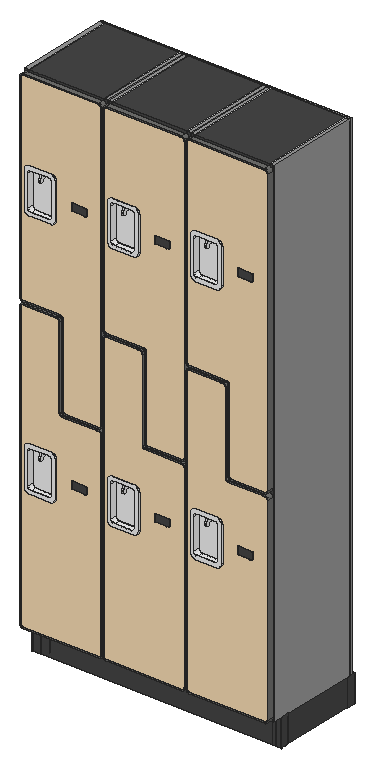
Revit family "Wood_Lockers-Salsbury_Industries-37000_Series-3_Wide_Units", category Specialty Equipment, Revit 2016 (continued)
Definition of nested family "Wood Locker S-Style Bottom Doors"
  Lines and regions (in)
    symbolic lines
      curve 16: line (0, 0.625, 26.25) -> (0, 0.625, 26.75)
      curve 17: arc (-5.9375, 0.375, 41.537) -> (-5.7837311, 0.375, 41.9082311) -> (-5.4125, 0.375, 42.062) r 0.525
      curve 18: arc (-0.1255, 0.375, 41.537) -> (-0.2792689, 0.375, 41.9082311) -> (-0.6505, 0.375, 42.062) r 0.525
      curve 19: arc (-0.1255, 0.375, 29.775) -> (-0.0449544, 0.375, 29.5805456) -> (0.1495, 0.375, 29.5) r 0.275
      curve 20: arc (5.9375, 0.375, 28.975) -> (5.7837311, 0.375, 29.3462311) -> (5.4125, 0.375, 29.5) r 0.525
      curve 21: arc (5.4125, 0.375, 0) -> (5.7837311, 0.375, 0.1537689) -> (5.9375, 0.375, 0.525) r 0.525
      curve 22: arc (-5.4125, 0.375, 0) -> (-5.7837311, 0.375, 0.1537689) -> (-5.9375, 0.375, 0.525) r 0.525
      curve 23: line (-5.4125, 0.375, 0) -> (5.4125, 0.375, 0)
      curve 24: line (5.9375, 0.375, 0.525) -> (5.9375, 0.375, 28.975)
      curve 25: line (5.4125, 0.375, 29.5) -> (0.1495, 0.375, 29.5)
      curve 26: line (-0.1255, 0.375, 29.775) -> (-0.1255, 0.375, 41.537)
      curve 27: line (-0.6505, 0.375, 42.062) -> (-5.4125, 0.375, 42.062)
      curve 28: line (-5.9375, 0.375, 41.537) -> (-5.9375, 0.375, 0.525)
      curve 29: arc (-5.1875, 0.375, 23.531) -> (-4.9678301, 0.375, 24.0613301) -> (-4.4375, 0.375, 24.281) r 0.75
      curve 30: arc (-1.4375, 0.375, 24.281) -> (-0.9071699, 0.375, 24.0613301) -> (-0.6875, 0.375, 23.531) r 0.75
      curve 31: arc (-0.6875, 0.375, 18.531) -> (-0.9071699, 0.375, 18.0006699) -> (-1.4375, 0.375, 17.781) r 0.75
      curve 32: arc (-4.4375, 0.375, 17.781) -> (-4.9678301, 0.375, 18.0006699) -> (-5.1875, 0.375, 18.531) r 0.75
      curve 33: line (-5.1875, 0.375, 18.531) -> (-5.1875, 0.375, 23.531)
      curve 34: line (-4.4375, 0.375, 24.281) -> (-1.4375, 0.375, 24.281)
      curve 35: line (-0.6875, 0.375, 23.531) -> (-0.6875, 0.375, 18.531)
      curve 36: line (-1.4375, 0.375, 17.781) -> (-4.4375, 0.375, 17.781)
      curve 37: arc (-4.1875, 0.375, 18.281) -> (-4.5410534, 0.375, 18.4274466) -> (-4.6875, 0.375, 18.781) r 0.5
      curve 38: arc (-1.6875, 0.375, 18.281) -> (-1.3339466, 0.375, 18.4274466) -> (-1.1875, 0.375, 18.781) r 0.5
      curve 39: arc (-1.1875, 0.375, 23.281) -> (-1.3339466, 0.375, 23.6345534) -> (-1.6875, 0.375, 23.781) r 0.5
      curve 40: arc (-4.6875, 0.375, 23.281) -> (-4.5410534, 0.375, 23.6345534) -> (-4.1875, 0.375, 23.781) r 0.5
      curve 41: line (-4.1875, 0.375, 23.781) -> (-1.6875, 0.375, 23.781)
      curve 42: line (-1.1875, 0.375, 23.281) -> (-1.1875, 0.375, 18.781)
      curve 43: line (-1.6875, 0.375, 18.281) -> (-4.1875, 0.375, 18.281)
      curve 44: line (-4.6875, 0.375, 18.781) -> (-4.6875, 0.375, 23.281)
      curve 45: line (-3.0935, 0.375, 22.656) -> (-3.0935, 0.375, 23.781)
      curve 46: line (-2.7815, 0.375, 22.656) -> (-2.7815, 0.375, 23.781)
      curve 47: line (-2.7815, 0.375, 22.656) -> (-3.0935, 0.375, 22.656)
      curve 48: arc (1.5, 0.375, 21.4133424) -> (1.5436872, 0.375, 21.5188128) -> (1.6491576, 0.375, 21.5625) r 0.1491576
      curve 49: arc (1.6491576, 0.375, 20.4995) -> (1.5436872, 0.375, 20.5431872) -> (1.5, 0.375, 20.6486576) r 0.1491576
      curve 50: arc (3.6008424, 0.375, 21.5625) -> (3.7063128, 0.375, 21.5188128) -> (3.75, 0.375, 21.4133424) r 0.1491576
      curve 51: arc (3.75, 0.375, 20.6486576) -> (3.7063128, 0.375, 20.5431872) -> (3.6008424, 0.375, 20.4995) r 0.1491576
      curve 52: line (3.75, 0.375, 21.4133424) -> (3.75, 0.375, 20.6486576)
      curve 53: line (3.6008424, 0.375, 20.4995) -> (1.6491576, 0.375, 20.4995)
      curve 54: line (1.5, 0.375, 20.6486576) -> (1.5, 0.375, 21.4133424)
      curve 55: line (1.6491576, 0.375, 21.5625) -> (3.6008424, 0.375, 21.5625)
  Dimensions and locks (in)
    equal spacing: plane 4 "Left Side of Door", plane 3 "Center (Left/Right)", plane 5 "Right Side of Door"
    "Width": plane 4 "Left Side of Door" to plane 5 "Right Side of Door"
    equal spacing: plane 7 "Front of Door", plane 1 "Center (Front/Back)", plane 6 "Back of Door"
    "Depth": plane 7 "Front of Door" to plane 6 "Back of Door"
    equal spacing: plane 9 "Top of Door", plane 10 "Center of Door", plane 8 "Bottom of Door"
    "Height": plane 9 "Top of Door" to plane 8 "Bottom of Door"
    equal spacing: plane 11 "Top of Number Tag", plane 16 "Center of Number Tag", plane 12 "Bottom of Number Tag"
    "Number Tag Height": plane 11 "Top of Number Tag" to plane 12 "Bottom of Number Tag"
    equal spacing: plane 14 "Right Side of Number Tag", plane 15 "Horizontal Center of Number Tag", plane 13 "Left Side of Number Tag"
    "Number Tag Width": plane 14 "Right Side of Number Tag" to plane 13 "Left Side of Number Tag"
    "Number Tag-Horizontal Offset": plane 15 "Horizontal Center of Number Tag" to plane 5 "Right Side of Door"
    "Number Tag-Vertical Offset": plane 9 "Top of Door" to plane 16 "Center of Number Tag"
    locked: plane 4 "Left Side of Door" to plane 17 "Left Side of Hasp" at 0.75
    equal spacing: plane 20 "Top of Hasp", plane 19 "Hasp Vertical Center", plane 21 "Bottom of Hasp", locked at 3.25 each
    plane 20 "Top of Hasp" to plane 21 "Bottom of Hasp" = 6.500"
    "Hasp Vertical Offset": plane 10 "Center of Door" to plane 19 "Hasp Vertical Center"
    plane 22 "Front of Hasp" to plane 7 "Front of Door" = 0.125"
    locked: plane 24 "Right Side of Door-Left Side of Trim" to plane 5 "Right Side of Door" at 0.125
    locked: plane 4 "Left Side of Door" to plane 23 "Left Side of Door-Right Side of Trim" at 0.125
    locked: plane 9 "Top of Door" to plane 25 "Top of Door-Bottom of Trim" at 0.125
    locked: plane 26 "Bottom of Door-Top of Trim" to plane 8 "Bottom of Door" at 0.125
    plane 28 "Melamine-Particleboard Line" to plane 6 "Back of Door" = 0.031"
    plane 7 "Front of Door" to plane 27 "Laminate-Particleboard Line" = 0.031"
    plane 27 "Laminate-Particleboard Line" to plane 29 "Back of Number Plate Inset" = 0.031"
    equal spacing: plane 18 "Right Side of Hasp", plane 30 "Center of Hasp", plane 17 "Left Side of Hasp"
    locked: plane 18 "Right Side of Hasp" to plane 17 "Left Side of Hasp" at 4.5
    plane 20 "Top of Hasp" to plane 33 "Hasp Inset-Top" = 0.500"
    plane 34 "Hasp Inset-Bottom" to plane 21 "Bottom of Hasp" = 0.500"
    plane 31 "Hasp Inset-Left" to plane 17 "Left Side of Hasp" = 0.500"
    plane 20 "Top of Hasp" to plane 36 to plane 35 to plane 33 "Hasp Inset-Top" = 0.156", 0.188", 0.156"
    plane 37 "Hasp Letters - Left Side" to plane 30 "Center of Hasp" to plane 38 "Hasp Letters - Right Side" = 0.906", 0.906"
    plane 32 "Hasp Inset-Right" to plane 18 "Right Side of Hasp" = 0.500"
    plane 40 "Hasp Handle - Right Side" to plane 30 "Center of Hasp" to plane 39 "Hasp Handle - Left Side" = 0.156", 0.156"
    plane 33 "Hasp Inset-Top" to plane 42 "Hasp Handle - Lip" to plane 43 "Hasp Handle - Lock Area Bottom" to plane 41 "Hasp Handle - Bottom" = 0.688", 0.062", 0.375"
    plane 48 "Top of Hasp Hole" to plane 33 "Hasp Inset-Top" to plane 44 "Hasp Handle - Center of Lock Hole" = 0.063", 0.375"
    plane 22 "Front of Hasp" to plane 45 = 0.312"
    plane 6 "Back of Door" to plane 46 "Door Stopper Plane" = 0.250"
    plane 32 "Hasp Inset-Right" to plane 50 "Right Side of Hasp Hole" = 0.0625"
    plane 34 "Hasp Inset-Bottom" to plane 47 "Bottom of Hasp Hole" = 0.063"
    plane 49 "Left Side of Hasp Hole" to plane 31 "Hasp Inset-Left" = 0.063"
    locked: plane 23 "Left Side of Door-Right Side of Trim" to plane 51 at 0.4
    locked: plane 25 "Top of Door-Bottom of Trim" to plane 52 at 0.4
    plane 54 to plane 5 "Right Side of Door" = 0.625"
    "Long Panel Edge": plane 4 "Left Side of Door" to plane 56 "Long Panel Edge"
    "Short Panel Edge": plane 57 to plane 8 "Bottom of Door"
    plane 57 to plane 59 = 0.125"
    plane 58 to plane 56 "Long Panel Edge" = 0.125"
    plane 57 to plane 53 "Top Hinge" = 3.000"
    aligned and locked: level to plane 2
    aligned and locked: Extrusion 5 to plane 11 "Top of Number Tag"
    aligned and locked: plane 12 "Bottom of Number Tag" to Extrusion 5
    aligned and locked: plane 14 "Right Side of Number Tag" to Extrusion 5
    aligned and locked: Extrusion 5 to plane 13 "Left Side of Number Tag"
    aligned and locked: Extrusion 5 to plane 29 "Back of Number Plate Inset"
    aligned and locked: plane 7 "Front of Door" to Extrusion 5
    aligned and locked: Extrusion 6 to plane 29 "Back of Number Plate Inset"
    aligned and locked: plane 7 "Front of Door" to Extrusion 6
    aligned and locked: plane 14 "Right Side of Number Tag" to Extrusion 6
    aligned and locked: Extrusion 6 to plane 13 "Left Side of Number Tag"
    aligned and locked: Extrusion 6 to plane 11 "Top of Number Tag"
    aligned and locked: plane 12 "Bottom of Number Tag" to Extrusion 6
    aligned and locked: cut or joined group of Extrusion 3, Extrusion 5, Extrusion 7 to plane 48 "Top of Hasp Hole"
    aligned and locked: plane 47 "Bottom of Hasp Hole" to cut or joined group of Extrusion 3, Extrusion 5, Extrusion 7
    aligned and locked: plane 49 "Left Side of Hasp Hole" to cut or joined group of Extrusion 3, Extrusion 5, Extrusion 7
    aligned and locked: cut or joined group of Extrusion 3, Extrusion 5, Extrusion 7 to plane 50 "Right Side of Hasp Hole"
    aligned and locked: Extrusion 10 to plane 33 "Hasp Inset-Top"
    aligned and locked: plane 41 "Hasp Handle - Bottom" to Extrusion 10
    aligned and locked: curve 1 to cut or joined group of Sweep 4, Extrusion 11
    aligned and locked: curve 2 to cut or joined group of Sweep 4, Extrusion 11
    aligned and locked: curve 3 to cut or joined group of Sweep 4, Extrusion 11
    aligned and locked: curve 4 to cut or joined group of Sweep 4, Extrusion 11
    aligned and locked: curve 5 to Extrusion 12
    aligned and locked: curve 7 to Extrusion 12
    aligned and locked: curve 8 to plane 20 "Top of Hasp"
    aligned and locked: curve 9 to cut or joined group of Extrusion 8, Extrusion 9, Extrusion 11
    aligned and locked: curve 10 to cut or joined group of Extrusion 8, Extrusion 9, Extrusion 11
    aligned and locked: Extrusion 14 to curve 11
    aligned and locked: curve 11 to Extrusion 14
    aligned and locked: curve 12 to Extrusion 14
    aligned and locked: curve 13 to Extrusion 14
    aligned and locked: Extrusion 13 to curve 14
    aligned and locked: curve 14 to Extrusion 13
    aligned and locked: curve 15 to Extrusion 13  (x2)
    aligned and locked: cut or joined group of Sweep 4, Extrusion 11 to curve 17
    aligned and locked: curve 17 to cut or joined group of Sweep 4, Extrusion 11
    aligned and locked: curve 18 to cut or joined group of Sweep 4, Extrusion 11
    aligned and locked: cut or joined group of Sweep 4, Extrusion 11 to curve 18
    aligned and locked: cut or joined group of Sweep 4, Extrusion 11 to curve 19
    aligned and locked: curve 19 to cut or joined group of Sweep 4, Extrusion 11
    aligned and locked: curve 20 to cut or joined group of Sweep 4, Extrusion 11
    aligned and locked: curve 21 to cut or joined group of Sweep 4, Extrusion 11
    aligned and locked: curve 22 to cut or joined group of Sweep 4, Extrusion 11
    aligned and locked: curve 23 to cut or joined group of Sweep 4, Extrusion 11
    aligned and locked: curve 24 to cut or joined group of Sweep 4, Extrusion 11
    aligned and locked: curve 25 to cut or joined group of Sweep 4, Extrusion 11
    aligned and locked: curve 29 to cut or joined group of Extrusion 8, Extrusion 9, Extrusion 11
    aligned and locked: curve 30 to cut or joined group of Extrusion 8, Extrusion 9, Extrusion 11
    aligned and locked: cut or joined group of Extrusion 8, Extrusion 9, Extrusion 11 to curve 30
    aligned and locked: curve 31 to cut or joined group of Extrusion 8, Extrusion 9, Extrusion 11
    aligned and locked: cut or joined group of Extrusion 8, Extrusion 9, Extrusion 11 to curve 31
    aligned and locked: curve 32 to cut or joined group of Extrusion 8, Extrusion 9, Extrusion 11
    aligned and locked: cut or joined group of Extrusion 8, Extrusion 9, Extrusion 11 to curve 32
    aligned and locked: curve 34 to cut or joined group of Extrusion 8, Extrusion 9, Extrusion 11
    aligned and locked: cut or joined group of Extrusion 8, Extrusion 9, Extrusion 11 to curve 37
    aligned and locked: cut or joined group of Extrusion 8, Extrusion 9, Extrusion 11 to curve 38
    aligned and locked: curve 39 to cut or joined group of Extrusion 8, Extrusion 9, Extrusion 11
    aligned and locked: cut or joined group of Extrusion 8, Extrusion 9, Extrusion 11 to curve 39
    aligned and locked: cut or joined group of Extrusion 8, Extrusion 9, Extrusion 11 to curve 40
    aligned and locked: curve 41 to cut or joined group of Extrusion 8, Extrusion 9, Extrusion 11
    aligned and locked: curve 43 to cut or joined group of Extrusion 8, Extrusion 9, Extrusion 11
    aligned and locked: curve 44 to cut or joined group of Extrusion 8, Extrusion 9, Extrusion 11
    aligned and locked: cut or joined group of Extrusion 10, Extrusion 11 to curve 45
    aligned and locked: curve 45 to cut or joined group of Extrusion 10, Extrusion 11
    aligned and locked: curve 46 to cut or joined group of Extrusion 10, Extrusion 11
    aligned and locked: curve 47 to cut or joined group of Extrusion 10, Extrusion 11
    aligned and locked: cut or joined group of Extrusion 1, Extrusion 5, Extrusion 7, Extrusion 11 to curve 48
    aligned and locked: cut or joined group of Extrusion 1, Extrusion 5, Extrusion 7, Extrusion 11 to curve 49
    aligned and locked: cut or joined group of Extrusion 1, Extrusion 5, Extrusion 7, Extrusion 11 to curve 50
    aligned and locked: cut or joined group of Extrusion 1, Extrusion 5, Extrusion 7, Extrusion 11 to curve 51
    aligned and locked: curve 52 to cut or joined group of Extrusion 1, Extrusion 5, Extrusion 7, Extrusion 11
    aligned and locked: curve 53 to cut or joined group of Extrusion 1, Extrusion 5, Extrusion 7, Extrusion 11
    aligned and locked: curve 54 to cut or joined group of Extrusion 1, Extrusion 5, Extrusion 7, Extrusion 11
    aligned and locked: curve 55 to cut or joined group of Extrusion 1, Extrusion 5, Extrusion 7, Extrusion 11
  Automatic sketch dimensions
    Extrusion 5 sketch curve to plane 13 "Left Side of Number Tag" = 0.000"
    Extrusion 5 sketch curve to plane 12 "Bottom of Number Tag" = 0.000"
    Extrusion 5 sketch curve to plane 11 "Top of Number Tag" = 0.000"
    Extrusion 5 sketch curve to plane 14 "Right Side of Number Tag" = 0.000"
    Extrusion 5 sketch curve to Extrusion 5 sketch curve = 0.14916"  (x3)
    plane 11 "Top of Number Tag" to Extrusion 5 sketch curve = 0.14916"
    plane 13 "Left Side of Number Tag" to Extrusion 6 sketch curve = 0.000"
    plane 11 "Top of Number Tag" to Extrusion 6 sketch curve = 0.000"
    plane 13 "Left Side of Number Tag" to Extrusion 6 sketch curve = 0.14916"  (x2)
    Extrusion 6 sketch curve to plane 14 "Right Side of Number Tag" = 0.14916"
    Extrusion 6 sketch curve to plane 14 "Right Side of Number Tag" = 0.000"
    Extrusion 6 sketch curve to plane 12 "Bottom of Number Tag" = 0.14916"
    Extrusion 6 sketch curve to plane 12 "Bottom of Number Tag" = 0.000"
    plane 31 "Hasp Inset-Left" to Extrusion 7 sketch curve = 0.063"
    plane 34 "Hasp Inset-Bottom" to Extrusion 7 sketch curve = 0.063"
    Extrusion 7 sketch curve to plane 33 "Hasp Inset-Top" = 0.063"
    Extrusion 7 sketch curve to plane 32 "Hasp Inset-Right" = 0.0625"
    Extrusion 7 sketch curve to plane 31 "Hasp Inset-Left" = 0.437"
    plane 37 "Hasp Letters - Left Side" to Extrusion 7 sketch curve = 0.407"
    Extrusion 7 sketch curve to plane 38 "Hasp Letters - Right Side" = 0.4065"
    Extrusion 7 sketch curve to Extrusion 7 sketch curve = 0.500"
    Extrusion 8 sketch curve to plane 18 "Right Side of Hasp" = 0.000"
    Extrusion 8 sketch curve to plane 20 "Top of Hasp" = 0.000"
    Extrusion 8 sketch curve to plane 21 "Bottom of Hasp" = 0.000"
    Extrusion 8 sketch curve to plane 17 "Left Side of Hasp" = 0.000"
    plane 32 "Hasp Inset-Right" to Extrusion 8 sketch curve = 0.250"
    Extrusion 8 sketch curve to plane 44 "Hasp Handle - Center of Lock Hole" = 0.125"
    Extrusion 8 sketch curve to plane 31 "Hasp Inset-Left" = 0.250"  (x2)
    plane 31 "Hasp Inset-Left" to Extrusion 9 sketch curve = 0.000"
    Extrusion 9 sketch curve to plane 33 "Hasp Inset-Top" = 0.000"
    Extrusion 9 sketch curve to plane 34 "Hasp Inset-Bottom" = 0.000"
    plane 32 "Hasp Inset-Right" to Extrusion 9 sketch curve = 0.000"
    plane 37 "Hasp Letters - Left Side" to Extrusion 9 sketch curve = 0.344"  (x2)
    Extrusion 9 sketch curve to plane 38 "Hasp Letters - Right Side" = 0.344"
    plane 44 "Hasp Handle - Center of Lock Hole" to Extrusion 9 sketch curve = 0.125"
    Extrusion 10 sketch curve to plane 28 "Melamine-Particleboard Line" = 0.000"
    plane 33 "Hasp Inset-Top" to Extrusion 10 sketch curve = 0.000"
    Extrusion 10 sketch curve to plane 27 "Laminate-Particleboard Line" = 0.000"
    plane 43 "Hasp Handle - Lock Area Bottom" to Extrusion 10 sketch curve = 0.000"
    Extrusion 10 sketch curve to plane 22 "Front of Hasp" = 0.000"
    Extrusion 10 sketch curve to plane 45 = 0.000"
    plane 41 "Hasp Handle - Bottom" to Extrusion 10 sketch curve = 0.000"
    Extrusion 10 sketch curve to plane 42 "Hasp Handle - Lip" = 0.07049"
    Extrusion 10 sketch curve to plane 42 "Hasp Handle - Lip" = 0.06247"
    plane 43 "Hasp Handle - Lock Area Bottom" to Extrusion 10 sketch curve = 0.02394"
    plane 1 "Center (Front/Back)" to Extrusion 10 sketch curve = 0.063"
    Extrusion 10 sketch curve to plane 41 "Hasp Handle - Bottom" = 0.09888"  (x2)
    Extrusion 10 sketch curve to plane 29 "Back of Number Plate Inset" = 0.03992"
    Extrusion 10 sketch curve to Extrusion 10 sketch curve = 0.100"
    plane 7 "Front of Door" to Extrusion 10 sketch curve = 0.04375"
    Extrusion 11 sketch curve to plane 1 "Center (Front/Back)" = 0.000"
    plane 44 "Hasp Handle - Center of Lock Hole" to Extrusion 11 sketch curve = 0.000"
    Extrusion 12 sketch curve to plane 51 = 0.000"
    Extrusion 12 sketch curve to plane 52 = 0.000"
    plane 53 "Top Hinge" to Extrusion 13 sketch curve = 0.250"
    plane 54 to Extrusion 13 sketch curve = 0.000"
    Extrusion 13 sketch curve to plane 53 "Top Hinge" = 0.250"
    plane 54 to Extrusion 13 sketch curve = 0.500"
    plane 55 "Bottom Hinge" to Extrusion 14 sketch curve = 0.250"
    plane 54 to Extrusion 14 sketch curve = 0.000"
    plane 54 to Extrusion 14 sketch curve = 0.500"
    Extrusion 14 sketch curve to plane 55 "Bottom Hinge" = 0.250"
    plane 10 "Center of Door" to Extrusion 15 sketch curve = 0.250"
    plane 54 to Extrusion 15 sketch curve = 0.000"
    plane 54 to Extrusion 15 sketch curve = 0.500"
    Extrusion 15 sketch curve to plane 10 "Center of Door" = 0.250"
    plane 23 "Left Side of Door-Right Side of Trim" to Extrusion 3 sketch curve = 0.000"
    Extrusion 3 sketch curve to plane 26 "Bottom of Door-Top of Trim" = 0.000"
    plane 51 to Extrusion 3 sketch curve = 0.000"  (x2)
    Extrusion 3 sketch curve to plane 25 "Top of Door-Bottom of Trim" = 0.000"
    Extrusion 3 sketch curve to plane 52 = 0.000"
    plane 58 to Extrusion 3 sketch curve = 0.000"
    Extrusion 3 sketch curve to plane 59 = 0.000"
    plane 24 "Right Side of Door-Left Side of Trim" to Extrusion 3 sketch curve = 0.000"
    Extrusion 3 sketch curve to plane 56 "Long Panel Edge" = 0.275"
    Extrusion 3 sketch curve to plane 54 = 0.100"  (x2)
    Sweep 4 sketch curve to profile plane = 0.000"
    profile plane to Sweep 4 sketch curve = 0.125"
    Sweep 4 sketch curve to plane 1 "Center (Front/Back)" = 0.375"
    plane 1 "Center (Front/Back)" to Sweep 4 sketch curve = 0.375"
    plane 23 "Left Side of Door-Right Side of Trim" to Extrusion 1 sketch curve = 0.000"
    Extrusion 1 sketch curve to plane 25 "Top of Door-Bottom of Trim" = 0.000"
    plane 51 to Extrusion 1 sketch curve = 0.000"  (x2)
    Extrusion 1 sketch curve to plane 26 "Bottom of Door-Top of Trim" = 0.000"
    Extrusion 1 sketch curve to plane 52 = 0.000"
    plane 58 to Extrusion 1 sketch curve = 0.000"
    Extrusion 1 sketch curve to plane 59 = 0.000"
    plane 24 "Right Side of Door-Left Side of Trim" to Extrusion 1 sketch curve = 0.000"
    Extrusion 1 sketch curve to plane 56 "Long Panel Edge" = 0.275"
    Extrusion 1 sketch curve to plane 54 = 0.100"  (x2)
    plane 23 "Left Side of Door-Right Side of Trim" to Extrusion 2 sketch curve = 0.000"
    Extrusion 2 sketch curve to plane 25 "Top of Door-Bottom of Trim" = 0.000"
    plane 51 to Extrusion 2 sketch curve = 0.000"  (x2)
    Extrusion 2 sketch curve to plane 26 "Bottom of Door-Top of Trim" = 0.000"
    Extrusion 2 sketch curve to plane 52 = 0.000"
    plane 58 to Extrusion 2 sketch curve = 0.000"
    Extrusion 2 sketch curve to plane 59 = 0.000"
    plane 24 "Right Side of Door-Left Side of Trim" to Extrusion 2 sketch curve = 0.000"
    Extrusion 2 sketch curve to plane 56 "Long Panel Edge" = 0.275"
    Extrusion 2 sketch curve to plane 54 = 0.100"  (x2)
    plane 23 "Left Side of Door-Right Side of Trim" to Sweep 4 sketch curve = 0.000"
    Sweep 4 sketch curve to plane 26 "Bottom of Door-Top of Trim" = 0.000"
    plane 51 to Sweep 4 sketch curve = 0.000"  (x2)
    Sweep 4 sketch curve to plane 25 "Top of Door-Bottom of Trim" = 0.000"
    Sweep 4 sketch curve to plane 52 = 0.000"
    plane 58 to Sweep 4 sketch curve = 0.000"
    Sweep 4 sketch curve to plane 59 = 0.000"
    plane 24 "Right Side of Door-Left Side of Trim" to Sweep 4 sketch curve = 0.000"
    Sweep 4 sketch curve to plane 56 "Long Panel Edge" = 0.275"
    Sweep 4 sketch curve to plane 54 = 0.100"  (x2)
    curve 7 to plane 52 = 0.250"
    plane 25 "Top of Door-Bottom of Trim" to curve 7 = 0.150"
    plane 51 to curve 22 = 0.000"
    plane 51 to curve 17 = 0.000"
    curve 18 to plane 52 = 0.000"
    curve 32 to plane 31 "Hasp Inset-Left" = 0.250"
    curve 34 to plane 31 "Hasp Inset-Left" = 0.250"
    plane 37 "Hasp Letters - Left Side" to curve 37 = 0.344"
    plane 44 "Hasp Handle - Center of Lock Hole" to curve 40 = 0.125"
    curve 38 to plane 38 "Hasp Letters - Right Side" = 0.344"
    curve 41 to plane 38 "Hasp Letters - Right Side" = 0.344"
    curve 30 to plane 44 "Hasp Handle - Center of Lock Hole" = 0.125"
    plane 32 "Hasp Inset-Right" to curve 31 = 0.250"
    plane 3 "Center (Left/Right)" to curve 19 = 0.1495"
    curve 49 to plane 12 "Bottom of Number Tag" = 0.14916"
    curve 54 to curve 48 = 0.14916"
    curve 53 to plane 14 "Right Side of Number Tag" = 0.14916"
    curve 50 to curve 50 = 0.14916"
    curve 23 to plane 54 = 0.100"
    curve 20 to plane 54 = 0.100"
    radius of Extrusion 11 sketch curve = 0.175"
    radius of Extrusion 12 sketch curve = 0.250"
Definition of nested family "Wood Locker Bases"
  Parameters (values of type "Base - 36" W x 15" D Lockers")
    Width = 36.000"
    Visible Base = yes
    Visible = yes
    Model = "Base - 36\" W x 15\" D Lockers"
    Manufacturer = "Salsbury Industries"
    Height = 4.000"
    Depth = 13.250"
    Base Secondary Material = none
    Base Primary Materials = none
    Base Hardware = none
  Types (14): name | Width | Visible Base | Visible | Model | Depth
    (no name) | 36.000" | yes | yes | "Base - 36\" W x 15\" D Lockers" | 13.250"
    Base - 12" W x 15" D Lockers | 12.000" | yes | no | "Base - 12\" W x 15\" D Lockers" | 13.250"
    Base - 12" W x 18" D Lockers | 12.000" | yes | no | "Base - 12\" W x 18\" D Lockers" | 16.250"
    Base - 12" W x 21" D Lockers | 12.000" | yes | no | "Base - 12\" W x 21\" D Lockers" | 19.250"
    Base - 36" W x 15" D Lockers | 36.000" | yes | yes | "Base - 36\" W x 15\" D Lockers" | 13.250"
    Base - 36" W x 18" D Lockers | 36.000" | yes | yes | "Base - 36\" W x 18\" D Lockers" | 16.250"
    Base - 36" W x 21" D Lockers | 36.000" | yes | yes | "Base - 36\" W x 21\" D Lockers" | 19.250"
    Base - 15" W x 18" D Lockers | 15.000" | yes | no | "Base - 15\" W x 18\" D Lockers" | 16.250"
    Base - 15" W x 21" D Lockers | 15.000" | yes | no | "Base - 15\" W x 21\" D Lockers" | 19.250"
    Base - 15" W x 24" D Lockers | 15.000" | yes | no | "Base - 15\" W x 24\" D Lockers" | 22.250"
    Base - 45" W x 18" D Lockers | 45.000" | yes | yes | "Base - 45\" W x 18\" D Lockers" | 16.250"
    Base - 45" W x 21" D Lockers | 45.000" | yes | yes | "Base - 45\" W x 21\" D Lockers" | 19.250"
    Base - 45" W x 24" D Lockers | 45.000" | yes | yes | "Base - 45\" W x 24\" D Lockers" | 22.250"
    None | 12.000" | no | no | "Base - 12\" W x 15\" D Lockers" | 13.250"
  Reference planes (in)
    plane 1 "Center (Front/Back)": y = 0
    plane 2: z = 0
    plane 3 "Center (Left/Right)": x = 0
    plane 4 "Left Edge": x = -18
    plane 5 "Right Edge": x = 18
    plane 6 "Back Edge": y = 6.625
    plane 7 "Front Edge": y = -6.625
    plane 8 "Bottom Edge": z = 0
    plane 9 "Top Edge": z = 4
    plane 10: x = -16.75
    plane 11: x = -16.102
    plane 12: y = 6.562
    plane 13: y = 5.8
    plane 14: x = -17.131
    plane 15: x = -17.256
    plane 16: x = -17.937
    plane 17: x = -17.175
    plane 18: y = 4.727
    plane 19: y = 5.375
    plane 20: y = 5.756
    plane 21: y = 5.881
    plane 22: x = -17.931
    plane 23: x = 17.931
    plane 24: y = 6.556
    plane 25: y = -6.556
    plane 26: y = 6.525
    plane 27: y = -6.525
    plane 28: x = -17.9
    plane 29: x = 17.9
    plane 30: x = -2.375
    plane 31: x = 2.375
  Forms (in)
    Extrusion 1, solid, material <- "Base Hardware", visible <- "Visible Base"
      sketch origin (0, 0, 0) x (1, 0, 0) y (0, 1, 0)
        loop
          arc (-17.967125, 6.625) -> (-17.9909808, 6.6159808) -> (-18, 6.592125) r 0.031
          line (-18, 6.592125) -> (-18, 5.4065)
          arc (-18, 5.4065) -> (-17.9685, 5.375) -> (-17.937, 5.4065) r 0.0315
          line (-17.937, 5.4065) -> (-17.937, 5.756) -> (-17.837, 5.756) -> (-17.837, 5.819) -> (-17.937, 5.819) -> (-17.937, 6.5146499) -> (-17.256, 5.8336499) -> (-17.256, 5.756) -> (-17.175, 5.756) -> (-17.175, 4.7583269)
          arc (-17.175, 4.7583269) -> (-17.1436731, 4.727) -> (-17.1123463, 4.7583269) r 0.0313269
          line (-17.1123463, 4.7583269) -> (-17.1123463, 5.737032) -> (-16.133484, 5.737032)
          arc (-16.133484, 5.737032) -> (-16.102, 5.768516) -> (-16.133484, 5.8) r 0.031484
          line (-16.133484, 5.8) -> (-17.131, 5.8) -> (-17.131, 5.881) -> (-17.2142208, 5.881) -> (-17.8952208, 6.562) -> (-17.194, 6.562) -> (-17.194, 6.462) -> (-17.131, 6.462) -> (-17.131, 6.562) -> (-16.7814004, 6.562)
          arc (-16.7814004, 6.562) -> (-16.7499004, 6.5935) -> (-16.7814004, 6.625) r 0.0315
          line (-16.7814004, 6.625) -> (-17.967125, 6.625)
      from 0 to 4
    Extrusion 2, solid, material <- "Base Hardware", visible <- "Visible Base"
      sketch origin (0, 0, 0) x (-1, 0, 0) y (0, -1, 0)
        loop
          line (-17.967125, -6.625) -> (-16.7814004, -6.625)
          arc (-16.7814004, -6.625) -> (-16.7499004, -6.5935) -> (-16.7814004, -6.562) r 0.0315
          line (-16.7814004, -6.562) -> (-17.131, -6.562) -> (-17.131, -6.462) -> (-17.194, -6.462) -> (-17.194, -6.562) -> (-17.8952208, -6.562) -> (-17.2142208, -5.881) -> (-17.131, -5.881) -> (-17.131, -5.8) -> (-16.133484, -5.8)
          arc (-16.133484, -5.8) -> (-16.102, -5.768516) -> (-16.133484, -5.737032) r 0.031484
          line (-16.133484, -5.737032) -> (-17.1123463, -5.737032) -> (-17.1123463, -4.7583269)
          arc (-17.1123463, -4.7583269) -> (-17.1436731, -4.727) -> (-17.175, -4.7583269) r 0.0313269
          line (-17.175, -4.7583269) -> (-17.175, -5.756) -> (-17.256, -5.756) -> (-17.256, -5.8336499) -> (-17.937, -6.5146499) -> (-17.937, -5.819) -> (-17.837, -5.819) -> (-17.837, -5.756) -> (-17.937, -5.756) -> (-17.937, -5.4065)
          arc (-17.937, -5.4065) -> (-17.9685, -5.375) -> (-18, -5.4065) r 0.0315
          line (-18, -5.4065) -> (-18, -6.592125)
          arc (-18, -6.592125) -> (-17.9909808, -6.6159808) -> (-17.967125, -6.625) r 0.031
      from 0 to 4
    Extrusion 3, solid, material <- "Base Hardware", visible <- "Visible Base"
      sketch origin (0, 0, 0) x (1, 0, 0) y (0, 1, 0)
        loop
          line (-17.967125, -6.625) -> (-16.7814004, -6.625)
          arc (-16.7814004, -6.625) -> (-16.7499004, -6.5935) -> (-16.7814004, -6.562) r 0.0315
          line (-16.7814004, -6.562) -> (-17.131, -6.562) -> (-17.131, -6.462) -> (-17.194, -6.462) -> (-17.194, -6.562) -> (-17.8952208, -6.562) -> (-17.2142208, -5.881) -> (-17.131, -5.881) -> (-17.131, -5.8) -> (-16.133484, -5.8)
          arc (-16.133484, -5.8) -> (-16.102, -5.768516) -> (-16.133484, -5.737032) r 0.031484
          line (-16.133484, -5.737032) -> (-17.1123463, -5.737032) -> (-17.1123463, -4.7583269)
          arc (-17.1123463, -4.7583269) -> (-17.1436731, -4.727) -> (-17.175, -4.7583269) r 0.0313269
          line (-17.175, -4.7583269) -> (-17.175, -5.756) -> (-17.256, -5.756) -> (-17.256, -5.8336499) -> (-17.937, -6.5146499) -> (-17.937, -5.819) -> (-17.837, -5.819) -> (-17.837, -5.756) -> (-17.937, -5.756) -> (-17.937, -5.4065)
          arc (-17.937, -5.4065) -> (-17.9685, -5.375) -> (-18, -5.4065) r 0.0315
          line (-18, -5.4065) -> (-18, -6.592125)
          arc (-18, -6.592125) -> (-17.9909808, -6.6159808) -> (-17.967125, -6.625) r 0.031
      from 0 to 4
    Extrusion 4, solid, material <- "Base Hardware", visible <- "Visible Base"
      sketch origin (0, 0, 0) x (-1, 0, 0) y (0, -1, 0)
        loop
          arc (-17.967125, 6.625) -> (-17.9909808, 6.6159808) -> (-18, 6.592125) r 0.031
          line (-18, 6.592125) -> (-18, 5.4065)
          arc (-18, 5.4065) -> (-17.9685, 5.375) -> (-17.937, 5.4065) r 0.0315
          line (-17.937, 5.4065) -> (-17.937, 5.756) -> (-17.837, 5.756) -> (-17.837, 5.819) -> (-17.937, 5.819) -> (-17.937, 6.5146499) -> (-17.256, 5.8336499) -> (-17.256, 5.756) -> (-17.175, 5.756) -> (-17.175, 4.7583269)
          arc (-17.175, 4.7583269) -> (-17.1436731, 4.727) -> (-17.1123463, 4.7583269) r 0.0313269
          line (-17.1123463, 4.7583269) -> (-17.1123463, 5.737032) -> (-16.133484, 5.737032)
          arc (-16.133484, 5.737032) -> (-16.102, 5.768516) -> (-16.133484, 5.8) r 0.031484
          line (-16.133484, 5.8) -> (-17.131, 5.8) -> (-17.131, 5.881) -> (-17.2142208, 5.881) -> (-17.8952208, 6.562) -> (-17.194, 6.562) -> (-17.194, 6.462) -> (-17.131, 6.462) -> (-17.131, 6.562) -> (-16.7814004, 6.562)
          arc (-16.7814004, 6.562) -> (-16.7499004, 6.5935) -> (-16.7814004, 6.625) r 0.0315
          line (-16.7814004, 6.625) -> (-17.967125, 6.625)
      from 0 to 4
    Extrusion 5, solid, material <- "Base Secondary Material", visible <- "Visible Base"
      sketch origin (0, 0, 0) x (0, -1, 0) y (1, 0, 0)
        loop
          line (-5.756, 17.9) -> (-5.756, 17.181) -> (5.7569692, 17.181) -> (5.7569692, 17.9) -> (-5.756, 17.9)
      from 0 to 4
    Extrusion 6, solid, material <- "Base Secondary Material", visible <- "Visible Base"
      sketch origin (0, 0, 0) x (0, -1, 0) y (1, 0, 0)
        loop
          line (-5.756, -17.9) -> (5.7569692, -17.9) -> (5.7569692, -17.181) -> (-5.756, -17.181) -> (-5.756, -17.9)
      from 0 to 4
    Extrusion 7, solid, material <- "Base Secondary Material", visible <- "Visible Base"
      sketch origin (-2.0552074, 0.625, 0) x (1, 0, 0) y (0, 1, 0)
        loop
          line (-15.0757926, 5.9) -> (-15.0757926, 5.181) -> (19.1862074, 5.181) -> (19.1862074, 5.9) -> (-15.0757926, 5.9)
      from 0 to 4
    Extrusion 8, solid, material <- "Base Secondary Material", visible <- "Visible Base"
      sketch origin (-2.0552074, -0.625, 0) x (1, 0, 0) y (0, 1, 0)
        loop
          line (-15.0757926, -5.9) -> (19.1862074, -5.9) -> (19.1862074, -5.181) -> (-15.0757926, -5.181) -> (-15.0757926, -5.9)
      from 0 to 4
    Extrusion 9, solid, material <- "Base Primary Materials", visible <- "Visible Base"
      sketch origin (0.7645193, 0, 0) x (0, -1, 0) y (1, 0, 0)
        loop
          line (-5.756, 17.1664807) -> (-5.756, 17.1354807) -> (5.7569692, 17.1354807) -> (5.7569692, 17.1664807) -> (-5.756, 17.1664807)
      from 0 to 4
    Extrusion 10, solid, material <- "Base Primary Materials", visible <- "Visible Base"
      sketch origin (-0.719, 0, 0) x (0, -1, 0) y (1, 0, 0)
        loop
          line (-5.756, -17.212) -> (5.7569692, -17.212) -> (5.7569692, -17.181) -> (-5.756, -17.181) -> (-5.756, -17.212)
      from 0 to 4
    Extrusion 11, solid, material <- "Base Primary Materials", visible <- "Visible Base"
      sketch origin (-2.0552074, 1.344, 0) x (1, 0, 0) y (0, 1, 0)
        loop
          line (-15.0757926, 5.218) -> (-15.0757926, 5.181) -> (19.1862074, 5.181) -> (19.1862074, 5.218) -> (-15.0757926, 5.218)
      from 0 to 4
    Extrusion 12, solid, material <- "Base Primary Materials", visible <- "Visible Base"
      sketch origin (-2.0552074, -1.344, 0) x (1, 0, 0) y (0, 1, 0)
        loop
          line (-15.0757926, -5.212) -> (19.1862074, -5.212) -> (19.1862074, -5.181) -> (-15.0757926, -5.181) -> (-15.0757926, -5.212)
      from 0 to 4
    Extrusion 13, solid, material <- "Base Secondary Material", visible <- "Visible"
      sketch origin (0, 0, 4) x (0, -1, 0) y (1, 0, 0)
        loop
          line (-5.806, -2.375) -> (5.806, -2.375) -> (5.806, 2.375) -> (-5.806, 2.375) -> (-5.806, -2.375)
      from 0 to -0.75
    Extrusion 14, solid, material <- "Base Secondary Material", visible <- "Visible"
      sketch origin (0, 0, 0) x (0, -1, 0) y (1, 0, 0)
        loop
          line (-5.806, -2.375) -> (-5.056, -2.375) -> (-5.056, 2.375) -> (-5.806, 2.375) -> (-5.806, -2.375)
      from 0 to 3.25
    Extrusion 15, solid, material <- "Base Secondary Material", visible <- "Visible"
      sketch origin (0, 0, 0) x (0, 1, 0) y (-1, 0, 0)
        loop
          line (-5.806, 2.375) -> (-5.806, -2.375) -> (-5.056, -2.375) -> (-5.056, 2.375) -> (-5.806, 2.375)
      from 0 to 3.25
  Dimensions and locks (in)
    equal spacing: plane 4 "Left Edge", plane 3 "Center (Left/Right)", plane 5 "Right Edge"
    "Width": plane 4 "Left Edge" to plane 5 "Right Edge"
    equal spacing: plane 7 "Front Edge", plane 1 "Center (Front/Back)", plane 6 "Back Edge"
    "Depth": plane 7 "Front Edge" to plane 6 "Back Edge"
    "Height": plane 9 "Top Edge" to plane 8 "Bottom Edge"
    locked: plane 4 "Left Edge" to plane 10 at 1.25
    locked: plane 4 "Left Edge" to plane 11 at 1.898
    locked: plane 12 to plane 6 "Back Edge" at 0.063
    plane 14 to plane 10 = 0.381"
    locked: plane 12 to plane 13 at 0.762
    locked: plane 4 "Left Edge" to plane 16 at 0.063
    locked: plane 16 to plane 17 at 0.762
    locked: plane 19 to plane 6 "Back Edge" at 1.25
    locked: plane 18 to plane 6 "Back Edge" at 1.898
    plane 15 to plane 17 = 0.081"
    plane 21 to plane 13 = 0.081"
    plane 19 to plane 20 = 0.381"
    plane 24 to plane 6 "Back Edge" = 0.069"
    plane 7 "Front Edge" to plane 25 = 0.069"
    plane 23 to plane 5 "Right Edge" = 0.069"
    plane 4 "Left Edge" to plane 22 = 0.069"
    plane 26 to plane 24 = 0.031"
    plane 25 to plane 27 = 0.031"
    plane 22 to plane 28 = 0.031"
    plane 29 to plane 23 = 0.031"
    plane 30 to plane 3 "Center (Left/Right)" to plane 31 = 2.375" locked, 2.375" locked
    aligned and locked: level to plane 2
    aligned and locked: plane 30 to Extrusion 13
    aligned and locked: plane 30 to Extrusion 14
    aligned and locked: plane 30 to Extrusion 15
    aligned and locked: Extrusion 13 to plane 31
    aligned and locked: Extrusion 14 to plane 31
    aligned and locked: Extrusion 15 to plane 31
  Automatic sketch dimensions
    Extrusion 1 sketch curve to plane 4 "Left Edge" = 0.000"
    plane 6 "Back Edge" to Extrusion 1 sketch curve = 0.000"
    Extrusion 1 sketch curve to plane 16 = 0.000"  (x2)
    Extrusion 1 sketch curve to plane 12 = 0.000"  (x2)
    plane 20 to Extrusion 1 sketch curve = 0.000"  (x2)
    Extrusion 1 sketch curve to plane 15 = 0.000"
    plane 21 to Extrusion 1 sketch curve = 0.000"
    Extrusion 1 sketch curve to plane 17 = 0.000"
    Extrusion 1 sketch curve to plane 14 = 0.000"  (x2)
    Extrusion 1 sketch curve to plane 13 = 0.000"
    Extrusion 1 sketch curve to plane 4 "Left Edge" = 0.03094"
    plane 16 to Extrusion 1 sketch curve = 0.03012"
    Extrusion 1 sketch curve to plane 28 = 0.00478"
    Extrusion 1 sketch curve to plane 28 = 0.063"
    plane 17 to Extrusion 1 sketch curve = 0.03922"
    plane 17 to Extrusion 1 sketch curve = 0.019"
    plane 14 to Extrusion 1 sketch curve = 0.01267"
    plane 10 to Extrusion 1 sketch curve = 0.0314"
    plane 11 to Extrusion 1 sketch curve = 0.03148"
    plane 20 to Extrusion 1 sketch curve = 0.01897"
    Extrusion 1 sketch curve to plane 19 = 0.0315"
    Extrusion 1 sketch curve to plane 18 = 0.03133"
    plane 13 to Extrusion 1 sketch curve = 0.019"
    plane 13 to Extrusion 1 sketch curve = 0.03365"
    plane 26 to Extrusion 1 sketch curve = 0.063"
    plane 26 to Extrusion 1 sketch curve = 0.01035"
    plane 12 to Extrusion 1 sketch curve = 0.03012"
    Extrusion 2 sketch curve to plane 5 "Right Edge" = 0.000"
    plane 6 "Back Edge" to Extrusion 2 sketch curve = 0.000"
    plane 20 to Extrusion 2 sketch curve = 0.000"  (x2)
    plane 12 to Extrusion 2 sketch curve = 0.000"  (x2)
    plane 21 to Extrusion 2 sketch curve = 0.000"
    plane 13 to Extrusion 2 sketch curve = 0.000"
    Extrusion 2 sketch curve to plane 5 "Right Edge" = 0.03094"
    Extrusion 2 sketch curve to Extrusion 2 sketch curve = 0.0315"
    Extrusion 2 sketch curve to Extrusion 2 sketch curve = 0.00194"
    plane 23 to Extrusion 2 sketch curve = 0.006"
    Extrusion 2 sketch curve to plane 29 = 0.00478"
    Extrusion 2 sketch curve to plane 29 = 0.063"
    Extrusion 2 sketch curve to plane 13 = 0.03365"
    Extrusion 2 sketch curve to Extrusion 2 sketch curve = 0.581"
    Extrusion 2 sketch curve to Extrusion 2 sketch curve = 0.04178"
    Extrusion 2 sketch curve to plane 26 = 0.063"
    Extrusion 2 sketch curve to Extrusion 2 sketch curve = 0.02022"
    plane 18 to Extrusion 2 sketch curve = 0.03133"
    Extrusion 2 sketch curve to plane 29 = 0.725"
    Extrusion 2 sketch curve to Extrusion 2 sketch curve = 0.03133"
    Extrusion 2 sketch curve to Extrusion 2 sketch curve = 0.063"
    Extrusion 2 sketch curve to Extrusion 2 sketch curve = 0.08322"
    Extrusion 2 sketch curve to Extrusion 2 sketch curve = 0.3496"
    Extrusion 2 sketch curve to Extrusion 2 sketch curve = 0.97886"
    plane 19 to Extrusion 2 sketch curve = 0.0315"
    Extrusion 2 sketch curve to plane 20 = 0.01897"
    Extrusion 2 sketch curve to plane 13 = 0.019"
    Extrusion 2 sketch curve to plane 26 = 0.01035"
    Extrusion 2 sketch curve to plane 12 = 0.03012"
    Extrusion 3 sketch curve to plane 4 "Left Edge" = 0.000"
    plane 7 "Front Edge" to Extrusion 3 sketch curve = 0.000"
    Extrusion 3 sketch curve to plane 16 = 0.000"  (x2)
    Extrusion 3 sketch curve to plane 15 = 0.000"
    Extrusion 3 sketch curve to plane 17 = 0.000"
    Extrusion 3 sketch curve to plane 14 = 0.000"  (x2)
    plane 4 "Left Edge" to Extrusion 3 sketch curve = 0.03094"
    Extrusion 3 sketch curve to plane 16 = 0.03012"
    plane 28 to Extrusion 3 sketch curve = 0.00478"
    plane 28 to Extrusion 3 sketch curve = 0.063"
    Extrusion 3 sketch curve to plane 17 = 0.03922"
    Extrusion 3 sketch curve to plane 17 = 0.019"
    Extrusion 3 sketch curve to plane 14 = 0.01267"
    Extrusion 3 sketch curve to plane 25 = 0.006"  (x2)
    Extrusion 3 sketch curve to plane 10 = 0.0314"
    Extrusion 3 sketch curve to plane 11 = 0.03148"
    plane 27 to Extrusion 3 sketch curve = 0.01035"
    plane 27 to Extrusion 3 sketch curve = 0.063"
    Extrusion 3 sketch curve to Extrusion 3 sketch curve = 0.581"
    Extrusion 3 sketch curve to Extrusion 3 sketch curve = 0.04735"
    Extrusion 3 sketch curve to Extrusion 3 sketch curve = 0.01465"
    Extrusion 3 sketch curve to Extrusion 3 sketch curve = 0.081"
    Extrusion 3 sketch curve to Extrusion 3 sketch curve = 0.03148"
    Extrusion 3 sketch curve to Extrusion 3 sketch curve = 0.044"
    Extrusion 3 sketch curve to Extrusion 3 sketch curve = 0.063"
    Extrusion 3 sketch curve to Extrusion 3 sketch curve = 0.3495"
    Extrusion 3 sketch curve to Extrusion 3 sketch curve = 0.97871"
    plane 7 "Front Edge" to Extrusion 3 sketch curve = 0.03288"
    Extrusion 4 sketch curve to plane 5 "Right Edge" = 0.000"
    plane 7 "Front Edge" to Extrusion 4 sketch curve = 0.000"
    plane 5 "Right Edge" to Extrusion 4 sketch curve = 0.03094"
    Extrusion 4 sketch curve to Extrusion 4 sketch curve = 0.0315"
    Extrusion 4 sketch curve to Extrusion 4 sketch curve = 0.00194"
    Extrusion 4 sketch curve to plane 23 = 0.006"
    plane 29 to Extrusion 4 sketch curve = 0.00478"
    plane 29 to Extrusion 4 sketch curve = 0.063"
    Extrusion 4 sketch curve to Extrusion 4 sketch curve = 0.581"
    Extrusion 4 sketch curve to Extrusion 4 sketch curve = 0.04178"
    Extrusion 4 sketch curve to plane 27 = 0.063"
    Extrusion 4 sketch curve to Extrusion 4 sketch curve = 0.02022"
    plane 29 to Extrusion 4 sketch curve = 0.725"
    Extrusion 4 sketch curve to Extrusion 4 sketch curve = 0.03133"
    Extrusion 4 sketch curve to Extrusion 4 sketch curve = 0.063"  (x2)
    Extrusion 4 sketch curve to Extrusion 4 sketch curve = 0.08322"
    plane 25 to Extrusion 4 sketch curve = 0.006"  (x2)
    Extrusion 4 sketch curve to Extrusion 4 sketch curve = 0.3496"
    Extrusion 4 sketch curve to plane 27 = 0.725"
    Extrusion 4 sketch curve to Extrusion 4 sketch curve = 0.97886"
    Extrusion 4 sketch curve to Extrusion 4 sketch curve = 0.03148"
    Extrusion 4 sketch curve to Extrusion 4 sketch curve = 0.044"
    Extrusion 4 sketch curve to Extrusion 4 sketch curve = 0.000"
    Extrusion 4 sketch curve to Extrusion 4 sketch curve = 0.3495"
    Extrusion 4 sketch curve to Extrusion 4 sketch curve = 0.97871"
    Extrusion 4 sketch curve to Extrusion 4 sketch curve = 0.07765"
    Extrusion 4 sketch curve to Extrusion 4 sketch curve = 0.081"
    Extrusion 4 sketch curve to plane 27 = 0.01035"
    Extrusion 4 sketch curve to plane 7 "Front Edge" = 0.03288"
    plane 20 to Extrusion 5 sketch curve = 0.000"
    Extrusion 5 sketch curve to plane 29 = 0.000"
    Extrusion 5 sketch curve to plane 27 = 0.76803"
    plane 29 to Extrusion 5 sketch curve = 0.719"
    plane 20 to Extrusion 6 sketch curve = 0.000"
    Extrusion 6 sketch curve to plane 28 = 0.000"
    plane 27 to Extrusion 6 sketch curve = 0.76803"
    Extrusion 6 sketch curve to plane 17 = 0.006"
    Extrusion 7 sketch curve to plane 14 = 0.000"
    plane 26 to Extrusion 7 sketch curve = 0.000"
    plane 29 to Extrusion 7 sketch curve = 0.769"
    plane 13 to Extrusion 7 sketch curve = 0.006"
    Extrusion 8 sketch curve to plane 14 = 0.000"
    plane 27 to Extrusion 8 sketch curve = 0.000"
    Extrusion 8 sketch curve to plane 29 = 0.769"
    plane 27 to Extrusion 8 sketch curve = 0.719"
    plane 20 to Extrusion 9 sketch curve = 0.000"
    Extrusion 9 sketch curve to plane 23 = 0.000"
    Extrusion 9 sketch curve to plane 29 = 0.000"
    Extrusion 9 sketch curve to plane 27 = 0.76803"
    plane 20 to Extrusion 10 sketch curve = 0.000"
    Extrusion 10 sketch curve to plane 22 = 0.000"
    Extrusion 10 sketch curve to plane 28 = 0.000"
    plane 27 to Extrusion 10 sketch curve = 0.76803"
    Extrusion 11 sketch curve to plane 14 = 0.000"
    plane 12 to Extrusion 11 sketch curve = 0.000"
    plane 26 to Extrusion 11 sketch curve = 0.000"
    plane 29 to Extrusion 11 sketch curve = 0.769"
    Extrusion 12 sketch curve to plane 14 = 0.000"
    plane 25 to Extrusion 12 sketch curve = 0.000"
    plane 27 to Extrusion 12 sketch curve = 0.000"
    Extrusion 12 sketch curve to plane 29 = 0.769"
    plane 13 to Extrusion 13 sketch curve = 0.006"
    Extrusion 13 sketch curve to plane 27 = 0.719"
    Extrusion 13 sketch curve to plane 11 = 13.727"
    plane 3 "Center (Left/Right)" to Extrusion 13 sketch curve = 2.375"
    plane 13 to Extrusion 14 sketch curve = 0.006"
    plane 19 to Extrusion 14 sketch curve = 0.319"
    Extrusion 14 sketch curve to plane 11 = 13.727"
    plane 3 "Center (Left/Right)" to Extrusion 14 sketch curve = 2.375"
    plane 27 to Extrusion 15 sketch curve = 0.719"
    Extrusion 15 sketch curve to Extrusion 15 sketch curve = 0.750"
    plane 11 to Extrusion 15 sketch curve = 13.727"
    Extrusion 15 sketch curve to plane 3 "Center (Left/Right)" = 2.375"
Definition of nested family "Wood Locker S-Style Top Doors"
  Parameters (values of type "Double Tier Top S-Door for Six Foot High Locker")
    Width = 11.875"
    Visible Number Plates = yes
    Visible Center Hinge = no
    Short Panel Edge = 29.500"
    Primary Structure Materials = none
    Number Tag-Vertical Offset = 14.750"
    Number Tag-Horizontal Offset = 3.3125"
    Number Tag Width = 2.250"
    Number Tag Height = 1.063"
    Model = "Designer Locker Doors"
    Manufacturer = "Salsbury Industries"
    Long Panel Edge = 5.812"
    Laminate Surface = none
    Height = 42.062"
    Hasp Vertical Offset = 14.750"
    Door Trim = none
    Door Hasps = none
    Depth = 0.750"
  Types (4): name | Width | Short Panel Edge | Number Tag-Vertical Offset | Number Tag-Horizontal Offset | Long Panel Edge | Height | Hasp Vertical Offset
    (no name) | 11.875" | 29.500" | 14.750" | 3.3125" | 5.812" | 42.062" | 14.750"
    Double Tier Top S-Door for Six Foot High Locker | 11.875" | 29.500" | 14.750" | 3.3125" | 5.812" | 42.062" | 14.750"
    Double Tier Top S-Door for Five Foot High Locker | 11.875" | 23.500" | 11.750" | 3.3125" | 5.812" | 36.062" | 11.750"
    Extra Wide Double Tier Top S-Door | 14.875" | 29.500" | 14.750" | 4.813" | 7.250" | 42.062" | 14.750"
  Reference planes (in)
    plane 1 "Center (Front/Back)": y = 0
    plane 2: z = 0
    plane 3 "Center (Left/Right)": x = 0
    plane 4 "Left Side of Door": x = -5.9375
    plane 5 "Right Side of Door": x = 5.9375
    plane 6 "Back of Door": y = 0.375
    plane 7 "Front of Door": y = -0.375
    plane 8 "Bottom of Door": z = 0
    plane 9 "Top of Door": z = 42.062
    plane 10 "Center of Door": z = 21.031
    plane 11 "Top of Number Tag": z = 27.8435
    plane 12 "Bottom of Number Tag": z = 26.7805
    plane 13 "Left Side of Number Tag": x = 1.5
    plane 14 "Right Side of Number Tag": x = 3.75
    plane 15 "Horizontal Center of Number Tag": x = 2.625
    plane 16 "Center of Number Tag": z = 27.312
    plane 17 "Left Side of Hasp": x = -5.1875
    plane 18 "Right Side of Hasp": x = -0.6875
    plane 19 "Hasp Vertical Center": z = 27.312
    plane 20 "Top of Hasp": z = 30.562
    plane 21 "Bottom of Hasp": z = 24.062
    plane 22 "Front of Hasp": y = -0.5
    plane 23 "Left Side of Door-Right Side of Trim": x = -5.8125
    plane 24 "Right Side of Door-Left Side of Trim": x = 5.8125
    plane 25 "Top of Door-Bottom of Trim": z = 41.937
    plane 26 "Bottom of Door-Top of Trim": z = 0.125
    plane 27 "Laminate-Particleboard Line": y = -0.344
    plane 28 "Melamine-Particleboard Line": y = 0.344
    plane 29 "Back of Number Plate Inset": y = -0.313
    plane 30 "Center of Hasp": x = -2.9375
    plane 31 "Hasp Inset-Left": x = -4.6875
    plane 32 "Hasp Inset-Right": x = -1.1875
    plane 33 "Hasp Inset-Top": z = 30.062
    plane 34 "Hasp Inset-Bottom": z = 24.562
    plane 35: z = 30.218
    plane 36: z = 30.406
    plane 37 "Hasp Letters - Left Side": x = -3.8435
    plane 38 "Hasp Letters - Right Side": x = -2.0315
    plane 39 "Hasp Handle - Left Side": x = -3.0935
    plane 40 "Hasp Handle - Right Side": x = -2.7815
    plane 41 "Hasp Handle - Bottom": z = 28.937
    plane 42 "Hasp Handle - Lip": z = 29.374
    plane 43 "Hasp Handle - Lock Area Bottom": z = 29.312
    plane 44 "Hasp Handle - Center of Lock Hole": z = 29.687
    plane 45: y = -0.188
    plane 46 "Door Stopper Plane": y = 0.625
    plane 47 "Bottom of Hasp Hole": z = 24.499
    plane 48 "Top of Hasp Hole": z = 30.125
    plane 49 "Left Side of Hasp Hole": x = -4.7505
    plane 50 "Right Side of Hasp Hole": x = -1.125
    plane 51: x = -5.4125
    plane 52: z = 41.537
    plane 53 "Top Hinge": z = 39.062
    plane 54: x = 5.3125
    plane 55 "Bottom Hinge": z = 3
    plane 56 "Long Panel Edge": x = 0.1255
    plane 57: z = 12.562
    plane 58: x = -3.1245
    plane 59: z = 12.687
    plane 60: x = 0.2505
  Forms (in)
    Extrusion 1, solid, detail levels fine
      sketch origin (0, 0, 0) x (1, 0, 0) y (0, 0, 1)
        loop
          arc (-5.8125, 13.087) -> (-5.6953427, 12.8041573) -> (-5.4125, 12.687) r 0.4
          line (-5.4125, 12.687) -> (-0.1495, 12.687)
          arc (-0.1495, 12.687) -> (0.1333427, 12.5698427) -> (0.2505, 12.287) r 0.4
          line (0.2505, 12.287) -> (0.2505, 0.525)
          arc (0.2505, 0.525) -> (0.3676573, 0.2421573) -> (0.6505, 0.125) r 0.4
          line (0.6505, 0.125) -> (5.4125, 0.125)
          arc (5.4125, 0.125) -> (5.6953427, 0.2421573) -> (5.8125, 0.525) r 0.4
          line (5.8125, 0.525) -> (5.8125, 41.537)
          arc (5.8125, 41.537) -> (5.6953427, 41.8198427) -> (5.4125, 41.937) r 0.4
          line (5.4125, 41.937) -> (-5.4125, 41.937)
          arc (-5.4125, 41.937) -> (-5.6953427, 41.8198427) -> (-5.8125, 41.537) r 0.4
          line (-5.8125, 41.537) -> (-5.8125, 13.087)
      from -0.344 to 0.344
    Extrusion 2, solid, material <- "Primary Structure Materials"
      sketch origin (0, 0.375, 0) x (1, 0, 0) y (0, 0, 1)
        loop
          arc (-5.8125, 13.087) -> (-5.6953427, 12.8041573) -> (-5.4125, 12.687) r 0.4
          line (-5.4125, 12.687) -> (-0.1495, 12.687)
          arc (-0.1495, 12.687) -> (0.1333427, 12.5698427) -> (0.2505, 12.287) r 0.4
          line (0.2505, 12.287) -> (0.2505, 0.525)
          arc (0.2505, 0.525) -> (0.3676573, 0.2421573) -> (0.6505, 0.125) r 0.4
          line (0.6505, 0.125) -> (5.4125, 0.125)
          arc (5.4125, 0.125) -> (5.6953427, 0.2421573) -> (5.8125, 0.525) r 0.4
          line (5.8125, 0.525) -> (5.8125, 41.537)
          arc (5.8125, 41.537) -> (5.6953427, 41.8198427) -> (5.4125, 41.937) r 0.4
          line (5.4125, 41.937) -> (-5.4125, 41.937)
          arc (-5.4125, 41.937) -> (-5.6953427, 41.8198427) -> (-5.8125, 41.537) r 0.4
          line (-5.8125, 41.537) -> (-5.8125, 13.087)
      from 0.031 to 0
    Extrusion 3, solid, material <- "Laminate Surface"
      sketch origin (0, -0.375, 0) x (1, 0, 0) y (0, 0, 1)
        loop
          arc (-5.8125, 13.087) -> (-5.6953427, 12.8041573) -> (-5.4125, 12.687) r 0.4
          line (-5.4125, 12.687) -> (-0.1495, 12.687)
          arc (-0.1495, 12.687) -> (0.1333427, 12.5698427) -> (0.2505, 12.287) r 0.4
          line (0.2505, 12.287) -> (0.2505, 0.525)
          arc (0.2505, 0.525) -> (0.3676573, 0.2421573) -> (0.6505, 0.125) r 0.4
          line (0.6505, 0.125) -> (5.4125, 0.125)
          arc (5.4125, 0.125) -> (5.6953427, 0.2421573) -> (5.8125, 0.525) r 0.4
          line (5.8125, 0.525) -> (5.8125, 41.537)
          arc (5.8125, 41.537) -> (5.6953427, 41.8198427) -> (5.4125, 41.937) r 0.4
          line (5.4125, 41.937) -> (-5.4125, 41.937)
          arc (-5.4125, 41.937) -> (-5.6953427, 41.8198427) -> (-5.8125, 41.537) r 0.4
          line (-5.8125, 41.537) -> (-5.8125, 13.087)
      from 0 to -0.031
    Sweep 4, solid, material <- "Door Trim"
      path origin (0, 0, 0) x (1, 0, 0) y (0, 0, 1)
        loop
          arc (-5.4125, 41.937) -> (-5.6953427, 41.8198427) -> (-5.8125, 41.537) r 0.4
          line (-5.8125, 41.537) -> (-5.8125, 13.087)
          arc (-5.8125, 13.087) -> (-5.6953427, 12.8041573) -> (-5.4125, 12.687) r 0.4
          line (-5.4125, 12.687) -> (-0.1495, 12.687)
          arc (-0.1495, 12.687) -> (0.1333427, 12.5698427) -> (0.2505, 12.287) r 0.4
          line (0.2505, 12.287) -> (0.2505, 0.525)
          arc (0.2505, 0.525) -> (0.3676573, 0.2421573) -> (0.6505, 0.125) r 0.4
          line (0.6505, 0.125) -> (5.4125, 0.125)
          arc (5.4125, 0.125) -> (5.6953427, 0.2421573) -> (5.8125, 0.525) r 0.4
          line (5.8125, 0.525) -> (5.8125, 41.537)
          arc (5.8125, 41.537) -> (5.6953427, 41.8198427) -> (5.4125, 41.937) r 0.4
          line (5.4125, 41.937) -> (-5.4125, 41.937)
      profile origin (-5.6953427, 0, 41.8198427) x (0.707107, 0, -0.707107) y (0, -1, 0)
        loop
          line (-0.125, 0.375) -> (-0.125, -0.375) -> (0, -0.375) -> (0, 0.375) -> (-0.125, 0.375)
    Extrusion 5, void
      sketch origin (0, -0.313, 0) x (1, 0, 0) y (0, 0, 1)
        loop
          arc (1.6491576, 27.8435) -> (1.5436872, 27.7998128) -> (1.5, 27.6943424) r 0.1491576
          line (1.5, 27.6943424) -> (1.5, 26.9296576)
          arc (1.5, 26.9296576) -> (1.5436872, 26.8241872) -> (1.6491576, 26.7805) r 0.1491576
          line (1.6491576, 26.7805) -> (3.6008424, 26.7805)
          arc (3.6008424, 26.7805) -> (3.7063128, 26.8241872) -> (3.75, 26.9296576) r 0.1491576
          line (3.75, 26.9296576) -> (3.75, 27.6943424)
          arc (3.75, 27.6943424) -> (3.7063128, 27.7998128) -> (3.6008424, 27.8435) r 0.1491576
          line (3.6008424, 27.8435) -> (1.6491576, 27.8435)
      from 0 to 0.062
    Extrusion 6, solid, visible <- "Visible Number Plates", detail levels medium+fine
      sketch origin (0, -0.375, 0) x (1, 0, 0) y (0, 0, 1)
        loop
          arc (1.6491576, 27.8435) -> (1.5436872, 27.7998128) -> (1.5, 27.6943424) r 0.1491576
          line (1.5, 27.6943424) -> (1.5, 26.9296576)
          arc (1.5, 26.9296576) -> (1.5436872, 26.8241872) -> (1.6491576, 26.7805) r 0.1491576
          line (1.6491576, 26.7805) -> (3.6008424, 26.7805)
          arc (3.6008424, 26.7805) -> (3.7063128, 26.8241872) -> (3.75, 26.9296576) r 0.1491576
          line (3.75, 26.9296576) -> (3.75, 27.6943424)
          arc (3.75, 27.6943424) -> (3.7063128, 27.7998128) -> (3.6008424, 27.8435) r 0.1491576
          line (3.6008424, 27.8435) -> (1.6491576, 27.8435)
      from -0.062 to 0
    Extrusion 7, void
      sketch origin (0, 0.375, 0) x (1, 0, 0) y (0, 0, 1)
        loop
          line (-4.7505, 29.625) -> (-4.7505, 24.999)
          arc (-4.7505, 24.999) -> (-4.6040534, 24.6454466) -> (-4.2505, 24.499) r 0.5
          line (-4.2505, 24.499) -> (-1.625, 24.499)
          arc (-1.625, 24.499) -> (-1.2714466, 24.6454466) -> (-1.125, 24.999) r 0.5
          line (-1.125, 24.999) -> (-1.125, 29.625)
          arc (-1.125, 29.625) -> (-1.2714466, 29.9785534) -> (-1.625, 30.125) r 0.5
          line (-1.625, 30.125) -> (-4.2505, 30.125)
          arc (-4.2505, 30.125) -> (-4.6040534, 29.9785534) -> (-4.7505, 29.625) r 0.5
      from 0 to 0.875
    Extrusion 8, solid, material <- "Door Hasps"
      sketch origin (0, -0.5, 0) x (-1, 0, 0) y (0, 0, 1)
        loop
          arc (1.4375, 30.562) -> (0.9071699, 30.3423301) -> (0.6875, 29.812) r 0.75
          line (0.6875, 29.812) -> (0.6875, 24.812)
          arc (0.6875, 24.812) -> (0.9071699, 24.2816699) -> (1.4375, 24.062) r 0.75
          line (1.4375, 24.062) -> (4.4375, 24.062)
          arc (4.4375, 24.062) -> (4.9678301, 24.2816699) -> (5.1875, 24.812) r 0.75
          line (5.1875, 24.812) -> (5.1875, 29.812)
          arc (5.1875, 29.812) -> (4.9678301, 30.3423301) -> (4.4375, 30.562) r 0.75
          line (4.4375, 30.562) -> (1.4375, 30.562)
      from 0 to 1.125
    Extrusion 9, void
      sketch origin (0, 0.375, 0) x (1, 0, 0) y (0, 0, 1)
        loop
          arc (-4.1875, 30.062) -> (-4.5410534, 29.9155534) -> (-4.6875, 29.562) r 0.5
          line (-4.6875, 29.562) -> (-4.6875, 25.062)
          arc (-4.6875, 25.062) -> (-4.5410534, 24.7084466) -> (-4.1875, 24.562) r 0.5
          line (-4.1875, 24.562) -> (-1.6875, 24.562)
          arc (-1.6875, 24.562) -> (-1.3339466, 24.7084466) -> (-1.1875, 25.062) r 0.5
          line (-1.1875, 25.062) -> (-1.1875, 29.562)
          arc (-1.1875, 29.562) -> (-1.3339466, 29.9155534) -> (-1.6875, 30.062) r 0.5
          line (-1.6875, 30.062) -> (-4.1875, 30.062)
      from 0 to 0.875
    Extrusion 10, solid, material <- "Door Hasps"
      sketch origin (-2.9375, 0, 0) x (0, 0, -1) y (0, -1, 0)
        loop
          line (-30.062, -0.344) -> (-29.312, -0.344) -> (-29.312, 0.063)
          arc (-29.312, 0.063) -> (-29.2753883, 0.1513883) -> (-29.187, 0.188) r 0.125
          line (-29.187, 0.188) -> (-29.0358813, 0.188)
          arc (-29.0358813, 0.188) -> (-28.970657, 0.212199) -> (-28.937, 0.2730843) r 0.1
          line (-28.937, 0.2730843) -> (-28.937, 0.4149157)
          arc (-28.937, 0.4149157) -> (-28.970657, 0.475801) -> (-29.0358813, 0.5) r 0.1
          line (-29.0358813, 0.5) -> (-29.2880625, 0.5)
          arc (-29.2880625, 0.5) -> (-29.3455181, 0.4762011) -> (-29.369317, 0.4187455) r 0.0812545
          arc (-29.369317, 0.4187455) -> (-29.3885715, 0.3685045) -> (-29.4364714, 0.344) r 0.0751745
          line (-29.4364714, 0.344) -> (-30.062, 0.344) -> (-30.062, -0.344)
      from -0.156 to 0.156
